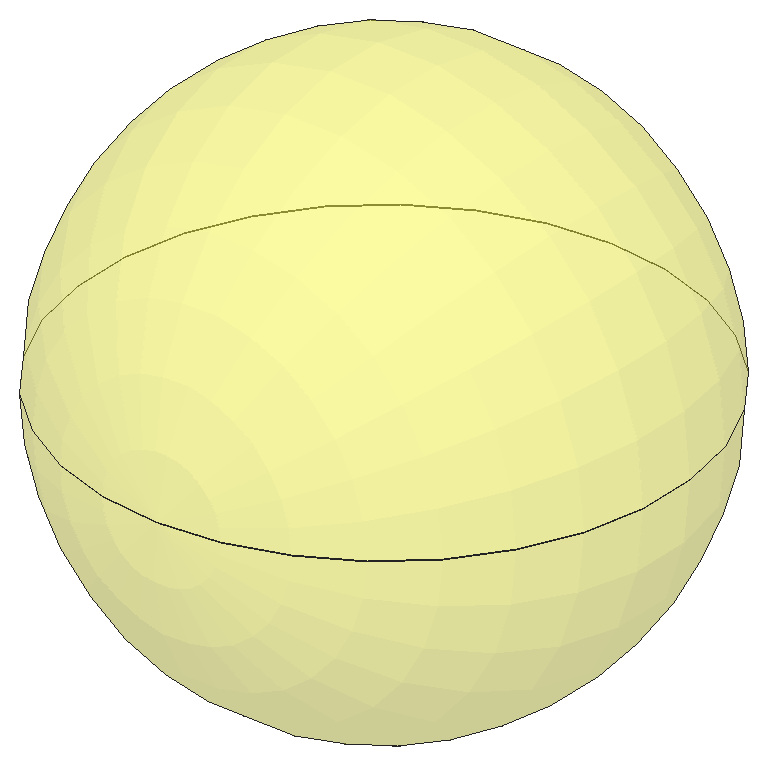
Revit family "ClashPoint_Small", category Обобщенные модели, Revit 2023
Family settings
  Может служить основой для арматурных стержней = Нет
  Размер круглого соединителя = Использовать диаметр
  Тип детали = Нормальный
  На основе рабочей плоскости = Нет
  Всегда вертикально = Да
  При загрузке вырезать с полостями = Нет
  Сохранять ориентацию аннотаций = Нет
  Общий = Нет
  Точка принадлежности помещению = Нет
Parameters (values of type "ClashPoint")
  Отметка по умолчанию = 0 mm
  Комментарии к типоразмеру = "ClashPoint"  # constant formula
  Ключевая пометка = "SYS"  # constant formula
  Группа модели = "Navisworks"  # constant formula
  АК_Создатель [instance] = ""
  АК_Координаты [instance] = ""
  АК_Дата [instance] = ""
  АК_ID_Элемент коллизии №2 [instance] = ""
  АК_ID_Элемент коллизии №1 [instance] = ""
  АК_ID_Экземпляр связи в модели [instance] = ""
Reference planes
  plane 1 "По центру (Вперед/Назад)": y = 0
  plane 2: z = 0
  plane 3 "По центру (Влево/Вправо)": x = 0
Forms (mm)
  Revolve 1, solid, material "NavisWorks_ClashObject"
    sketch origin (0, 0, 0) x (1, 0, 0) y (0, 1, 0)
      loop
        arc (0, 300) -> (-300, 0) -> (0, -300) r 300
        line (0, -300) -> (0, 300)
      axis (0, 300) -> (0, -300)
    angle from 0 to 360
Lines and regions (mm)
  model lines, style "NavisWorks_ClashPoint"
    curve 1: circle (0, 0, 0) r 300 normal (0, 0, 1)
    curve 2: circle (0, 0, 0) r 300 normal (0, -1, 0)
    curve 3: circle (0, 0, 0) r 300 normal (1, 0, 0)
    curve 4: line (0, -750, 0) -> (0, 750, 0)
    curve 5: line (-750, 0, 0) -> (750, 0, 0)
    curve 6: line (0, 0, -750) -> (0, 0, 750)
Dimensions and locks
  aligned and locked: level to plane 2
